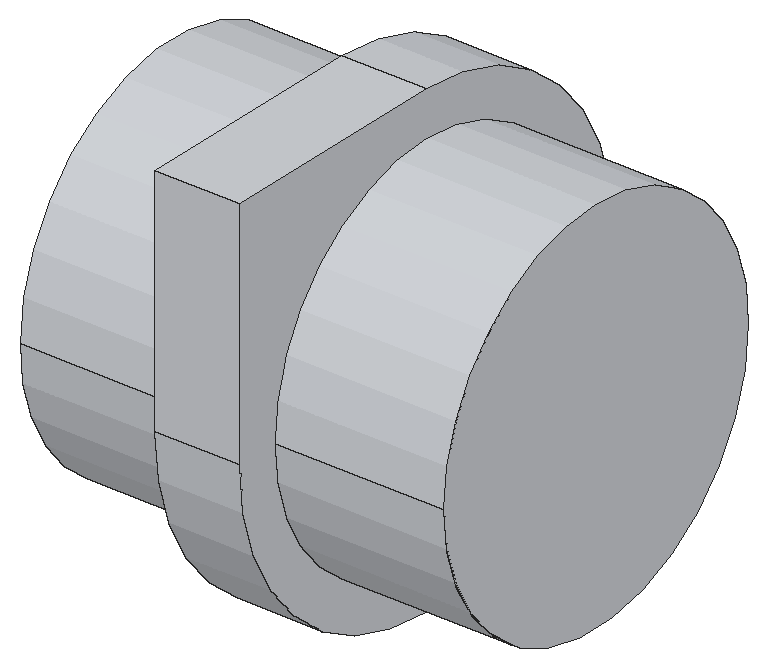
Revit family "União - 66-104 mm - Soldada - CU", category Conexões de tubo, Revit 2019
Family settings
  Cota do conector redondo = Usar raio
  Tipo de parte = União
  Com base no plano de trabalho = Não
  Sempre na vertical = Sim
  Corte com vazios quando carregada = Não
  Compartilhado = Não
Parameters (values of type "Padrão")
  Espessura da parede [instance] = size_lookup(Nome da tabela de pesquisa, "WThk", 0.01 * Diâmetro nominal + 0.4 mm, Diâmetro nominal)  # 1.15 mm
  Tamanho da marca de revisão [instance] = Diâmetro externo do soquete * 0.4  # 27.32 mm
  Raio externo do soquete [instance] = Diâmetro externo do soquete / 2  # 34.15 mm
  Diâmetro externo do soquete [instance] = Diâmetro nominal + 2 * Espessura da parede  # 68.3 mm
  Raio nominal [instance] = 33 mm
  Diâmetro nominal [instance] = Raio nominal * 2  # 66 mm
  Método de perda = Coeficiente K da tabela
  Nome da tabela de pesquisa = "BR_Union - 66-104 mm - Soldered - CU"
  Comprimento 2 [instance] = Comprimento / 10  # 7.6 mm
  Comprimento 1 [instance] = size_lookup(Nome da tabela de pesquisa, "Lgt1", 0.59 * Diâmetro nominal + 2.8 mm, Diâmetro nominal)  # 42 mm
  Comprimento [instance] = size_lookup(Nome da tabela de pesquisa, "Lgt", 0.068 * Diâmetro nominal + 29 mm, Diâmetro nominal)  # 76 mm
  Tabela de coeficiente K = "Redutor/Acoplamento/União/Redutor"
Reference planes
  plane 1 "Centro (frente/trás)": y = 0
  plane 2: z = 0
  plane 3 "Centro (direita/esquerda)": x = 0
  plane 4: x = -38
  plane 5: x = 38
  plane 6: y = 34.15
  plane 7: y = -34.15
  plane 8: y = 27.32
  plane 9: y = -27.32
  plane 10: x = -7.6
  plane 11: x = 7.6
  plane 12: y = 42
  plane 13: y = -42
  plane 14: z = 42
  plane 15: z = -42
Forms (mm)
  Sweep 1, solid, detail levels fine
    path in 3D
      loop
        line (-38, 0, 0) -> (38, 0, 0)
    profile origin (0, 0, 0) x (0, 1, 0) y (0, 0, 1)
      loop
        circle (0, 0) r 34.15
  Extrusion 2, solid, detail levels fine
    sketch origin (0, 0, 0) x (0, 1, 0) y (0, 0, 1)
      loop
        line (0, 42) -> (-42, 42) -> (-42, 0)
        arc (-42, 0) -> (-29.698, -29.698) -> (0, -42) r 42
        line (0, -42) -> (42, -42) -> (42, 0)
        arc (42, 0) -> (29.698, 29.698) -> (0, 42) r 42
    from -7.6 to 7.6
Cuts and joins
  joined: Sweep 1, Extrusion 2
Lines and regions (mm)
  model lines, detail levels coarse+medium
    curve 1: line (-38, 0, 0) -> (38, 0, 0)
    curve 3: line (-38, 27.32, 0) -> (-38, -27.32, 0)
    curve 4: line (38, 27.32, 0) -> (38, -27.32, 0)
  sketch lines
    curve 2: line (-38, 0, 0) -> (38, 0, 0)
Dimensions and locks
  equal spacing: plane 4, plane 3 "Centro (direita/esquerda)", plane 5
  "Comprimento": plane 4 to plane 5
  equal spacing: plane 6, plane 1 "Centro (frente/trás)", plane 7
  "Diâmetro externo do soquete": plane 6 to plane 7
  "Tamanho da marca de revisão": plane 8 to plane 1 "Centro (frente/trás)"
  equal spacing: plane 8, plane 1 "Centro (frente/trás)", plane 9
  equal spacing: plane 10, plane 3 "Centro (direita/esquerda)", plane 11
  "Comprimento 2": plane 10 to plane 3 "Centro (direita/esquerda)"
  equal spacing: plane 13, plane 1 "Centro (frente/trás)", plane 12
  "Comprimento 1": plane 1 "Centro (frente/trás)" to plane 12
  equal spacing: plane 14, plane 2, plane 15
  "Comprimento 1": plane 14 to plane 2
  "Raio externo do soquete": radius of Sweep 1 sketch curve
  aligned and locked: plane 4 to curve 1
  aligned and locked: plane 1 "Centro (frente/trás)" to curve 1
  aligned and locked: plane 8 to curve 3
  aligned and locked: curve 3 to plane 9
  aligned and locked: curve 3 to plane 4
  aligned and locked: plane 8 to curve 4
  aligned and locked: plane 9 to curve 4
  aligned and locked: curve 4 to plane 5
  aligned and locked: plane 1 "Centro (frente/trás)" to Extrusion 2 sketch curve  (x2)
  aligned and locked: plane 2 to Extrusion 2 sketch curve  (x2)
  aligned and locked: plane 14 to Extrusion 2 sketch curve
  aligned and locked: plane 13 to Extrusion 2 sketch curve
  aligned and locked: plane 15 to Extrusion 2 sketch curve
  aligned and locked: plane 12 to Extrusion 2 sketch curve
  aligned and locked: Extrusion 2 to plane 10
  aligned and locked: Extrusion 2 to plane 11
Automatic sketch dimensions
  Sweep 1 sketch curve to profile plane = 0 mm  (x2)
Connectors
  piping at (-38, 0, 0), diameter 66, driven by "Raio nominal"
    settings: on Sweep 1, index 1, connector inside diameter 66 mm, connector length 0 mm, flow factor 0, pipe flow 0.0 L/s, pressure drop 0.0 Pa, fitting loss kfactor 0, connector angle 0.00°, fixture units 0, engagement length 0 mm, angle of deflection 0.00°, flow configuration 0, flow direction 0, fitting loss method 0, system type 28, joint type 0, gender type 0, connector reference index 2, connector utility 0, adjustable connector no, is connector primary yes, connector description ""
  piping at (38, 0, 0), diameter 66, driven by "Raio nominal"
    settings: on Sweep 1, index 2, connector inside diameter 66 mm, connector length 0 mm, flow factor 0, pipe flow 0.0 L/s, pressure drop 0.0 Pa, fitting loss kfactor 0, connector angle 0.00°, fixture units 0, engagement length 0 mm, angle of deflection 0.00°, flow configuration 0, flow direction 0, fitting loss method 0, system type 28, joint type 0, gender type 0, connector reference index 1, connector utility 0, adjustable connector no, is connector primary no, connector description ""
